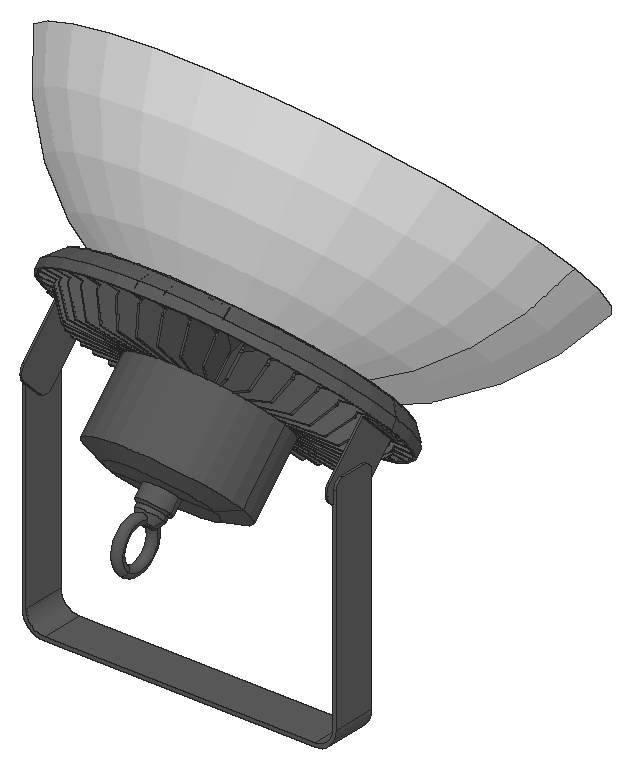
Revit family "0039365+0039353+0039356 Sylvania Lighting Fixture START HighBay IP65 DALI 13000lm 840 WB with BRACKET and ALU SHADE ALU COLOR FOR 13 19KLM", category Lighting Fixtures, host Face, Revit 2016
Family settings
  Host = Face
  Part Type = Normal
  Round Connector Dimension = Use Diameter
  OmniClass Number = 23.80.70.00
  OmniClass Title = Lighting
  Cut with Voids When Loaded = No
  Light Source = No
  Shared = No
  Room Calculation Point = No
Parameters (values of type "0039365+0039353+0039356  START HighBay IP65 DALI 13000lm 840 WB with BRACKET and ALU SHADE ALU COLOR FOR 13/19KLM")
  Weight = "3.0 kg"
  Wattage Comments = ""
  WarrantyStartDate [instance] = "n/a"
  WarrantyGuarantorParts = "n/a"
  WarrantyDurationUnit = "n/a"
  WarrantyDurationParts = "n/a"
  WarrantyDescription = "n/a"
  Voltage = 0 V
  URL = "http://www.sylvania-lighting.com"
  TypeName = "START HighBay IP65 DALI 13000lm 840 WB with BRACKET and ALU SHADE ALU COLOR FOR 13/19KLM"
  TypeHead_FEILO = Start LED Highbay DALI Head : 0039365+0039353+0039356 START HighBay IP65 DALI 13000lm 840 WB with BRACKET and ALU SHADE ALU COLOR FOR 13/19KLM
  Type Image = <None>
  Type Comments = "n/a"
  TiltAngle_FEILO [instance] = 45.00°
  ThicknessBracketPlate_FEILO = 3 mm
  SizeBracketS_FEILO = yes
  SizeBracketM_FEILO = no
  SerialNumber [instance] = "n/a"
  RadiusBracketTop_FEILO = 7 mm
  RadiusBendOut_FEILO = if(SizeBracketS_FEILO, 18 mm, if(SizeBracketM_FEILO, 24 mm, 28 mm))  # 18 mm
  RadiusBendIn_FEILO = RadiusBendOut_FEILO - ThicknessBracketPlate_FEILO  # 15 mm
  Material_3_FEILO = none
  PowerFactor = 0.95
  PowerConsumption = "90 W"
  NominalLength = 270 mm
  NominalHeight = 175 mm
  NominalDepth = 270 mm
  Name = "START HighBay IP65 DALI 13000lm 840 WB with BRACKET and ALU SHADE ALU COLOR FOR 13/19KLM"
  ModelReference = Name  # "START HighBay IP65 DALI 13000lm 840 WB with BRACKET and ALU SHADE ALU COLOR FOR 13/19KLM"
  ModelNumber = "0039365+0039353+0039356"
  Model = Name  # "START HighBay IP65 DALI 13000lm 840 WB with BRACKET and ALU SHADE ALU COLOR FOR 13/19KLM"
  Material = "aluminium alloy housing, polycarbonate diffuser"
  ManufacturerName = "Feilo Sylvania"
  Manufacturer = "Feilo Sylvania"
  LuminousEfficacy = "130 lm/W"
  LuminaireType = ""
  LightOutputRatio = "n/a"
  LampsType = Lamp  # "LED"
  LampNominalLuminous = "11700 lm"
  LampMacAdamStep = "6"
  LampColourTemperature = "6500 K"
  LampColourRenderingIndex = "80"
  Lamp = "LED"
  Keynote = "16500"
  InstallationDate [instance] = "n/a"
  InputVoltage = "n/a"
  InputNominalFrequency = "50/60 Hz"
  IngressProtection = "IP65"
  ImpactProtectionIndex = "IK08"
  IfcExportType = "IfcLightFixtureType"
  IfcExportAs = "IfcLightFixtureType"
  ExpectedLife = 50000
  EndAngle_FEILO [instance] = TiltAngle_FEILO + 180.00°  # 225.00°
  ElectricShockClassification = "Class I"
  DurationUnit = "hours"
  DocumentationLiterature = "http://www.sylvania-lighting.com/product/en-int/products/0039365"
  DimmingControlOptions = "Dimmable"
  Material_2_FEILO = none
  Description = "START Highbay, includes 1 m cables, black aluminium housing, 11,700 Lm, 90 W, 130 Lm/W, 6500 K, drive current: 2000 mA, CRI 80, 90° beam angle, DALI dimmable, IP65, IK08, 50,000 hrs (L80/B50), (D x H) 270 x 175 mm."
  Default Elevation = 1219.2 mm
  CreatedOn = "5/15/2018"
  CreatedBy = "aron.fodor@sylvania-lighting.com"
  Cost = 0
  built-in parameter 1114216 [instance] = (empty or 0)
  ClassificationValue = "EF_70_80"
  ClassificationName = "Uniclass2015"
  Material_1_FEILO = Body-Sylvania-StartHighbay-Black
  BracketHeight_FEILO = if(SizeBracketS_FEILO, 199.5 mm, if(SizeBracketM_FEILO, 209.6 mm, 201.3 mm))  # 199.5 mm
  BracketDistanceInner_FEILO = if(SizeBracketS_FEILO, 249.4 mm, if(SizeBracketM_FEILO, 273.6 mm, 313.2 mm))  # 249.4 mm
  BarCode [instance] = "n/a"
  AssetType = "Fixed"
  AssetIdentifier [instance] = "n/a"
  Assembly Code = "D5020200"
  Apparent Load = 90 VA
  Material_4_FEILO = none
Reference planes
  plane 1 "Center (Front/Back)": y = 0
  plane 2: z = 0
  plane 3 "Center (Left/Right)": x = 0
  plane 4: x = -127.7
  plane 5: x = 127.7
  plane 6: z = 199.5
  plane 7: x = -124.7
  plane 8: z = 3
  plane 9: x = 124.7
  plane 10: y = 17.5
  plane 11: y = -17.5
  plane 12: y = -19.5
  plane 13: z = 201.5
  plane 14: y = 19.5
  plane 15: z = 190.5
Forms (mm)
  Extrusion 1, solid, material "Body-Sylvania-StartHighbay-Black" <- "Material_1_FEILO"
    sketch origin (0, 0, 0) x (1, 0, 0) y (0, 0, 1)
      loop
        line (-127.7, 199.5) -> (-127.7, 18)
        arc (-127.7, 18) -> (-122.428, 5.272) -> (-109.7, 0) r 18
        line (-109.7, 0) -> (109.7, 0)
        arc (109.7, 0) -> (122.428, 5.272) -> (127.7, 18) r 18
        line (127.7, 18) -> (127.7, 199.5) -> (124.7, 199.5) -> (124.7, 18)
        arc (124.7, 18) -> (120.307, 7.393) -> (109.7, 3) r 15
        line (109.7, 3) -> (-109.7, 3)
        arc (-109.7, 3) -> (-120.307, 7.393) -> (-124.7, 18) r 15
        line (-124.7, 18) -> (-124.7, 199.5) -> (-127.7, 199.5)
    from -17.5 to 17.5
  Extrusion 2, void
    sketch origin (0, 0, 0) x (0, 1, 0) y (0, 0, 1)
      loop
        arc (10.5, 199.5) -> (15.45, 197.45) -> (17.5, 192.5) r 7
        line (17.5, 192.5) -> (19.5, 192.5) -> (19.5, 201.5) -> (-19.5, 201.5) -> (-19.5, 192.5) -> (-17.5, 192.5)
        arc (-17.5, 192.5) -> (-15.45, 197.45) -> (-10.5, 199.5) r 7
        line (-10.5, 199.5) -> (10.5, 199.5)
    from -127.7 to 127.7
  Revolve 3, solid, not visible
    sketch origin (1223.4, -4572, 190.5) x (0, -1, 0) y (1, 0, 0)
      loop
        line (-4572, -1223.4) -> (-4591.5, -1223.4) -> (-4591.5, -1277.783) -> (-4572, -1277.783) -> (-4572, -1223.4)
      axis (-4572, -1223.4) -> (-4572, -1277.783)
    angle from 45 <- "TiltAngle_FEILO" to 225 <- "EndAngle_FEILO"
Cuts and joins
  Extrusion 2 cuts Extrusion 1
Dimensions and locks
  "BracketHeight_FEILO": plane 6 to plane 2
  equal spacing: plane 11, plane 1 "Center (Front/Back)", plane 10
  locked: plane 11 to plane 10 at 35
  equal spacing: plane 9, plane 3 "Center (Left/Right)", plane 7
  "BracketDistanceInner_FEILO": plane 9 to plane 7
  "ThicknessBracketPlate_FEILO": plane 7 to plane 4
  "ThicknessBracketPlate_FEILO": plane 8 to plane 2
  equal spacing: plane 5, plane 3 "Center (Left/Right)", plane 4
  equal spacing: plane 12, plane 1 "Center (Front/Back)", plane 14
  locked: plane 6 to plane 13 at 2
  locked: plane 12 to plane 11 at 2
  locked: plane 6 to plane 15 at 9
  "RadiusBendOut_FEILO": radius of Extrusion 1 sketch curve  (x2)
  "RadiusBendIn_FEILO": radius of Extrusion 1 sketch curve  (x2)
  "RadiusBracketTop_FEILO": radius of Extrusion 2 sketch curve  (x2)
  aligned and locked: plane 2 to host face
  aligned and locked: level to host face
  aligned and locked: Extrusion 1 sketch curve to plane 4
  aligned and locked: Extrusion 1 sketch curve to level
  aligned and locked: plane 6 to Extrusion 1 sketch curve
  aligned and locked: Extrusion 1 sketch curve to plane 6
  aligned and locked: Extrusion 1 sketch curve to plane 7
  aligned and locked: plane 9 to Extrusion 1 sketch curve
  aligned and locked: plane 8 to Extrusion 1 sketch curve
  aligned and locked: Extrusion 1 to plane 10
  aligned and locked: plane 11 to Extrusion 1
  aligned and locked: Extrusion 1 to Extrusion 2 sketch curve
  aligned and locked: plane 14 to Extrusion 2 sketch curve  (x2)
  aligned and locked: Extrusion 2 sketch curve to plane 12
  aligned and locked: plane 13 to Extrusion 2 sketch curve
  aligned and locked: plane 5 to Extrusion 2
  aligned and locked: Extrusion 2 to plane 4
  aligned and locked: Revolve 3 sketch curve to plane 1 "Center (Front/Back)"
  aligned and locked: Revolve 3 sketch curve to Revolve 3 sketch curve
  aligned and locked: plane 3 "Center (Left/Right)" to Revolve 3 sketch curve
  aligned and locked: Revolve 3 sketch curve to plane 14
  aligned and locked: nested 1 to plane 3 "Center (Left/Right)"
Automatic sketch dimensions
  host sketch curve to host sketch curve = 2438.4 mm  (x2)
  Revolve 3 sketch curve to Revolve 3 sketch curve = 54.383 mm
  Revolve 3 sketch curve to plane 4 = 1396.3 mm
  plane 5 to Revolve 3 sketch curve = 1396.3 mm
  Extrusion 1 sketch curve to Extrusion 1 sketch curve = 0 mm
  Extrusion 2 sketch curve to plane 11 = 0 mm
  Extrusion 2 sketch curve to plane 10 = 0 mm
Nested families
  nested 1: "Start LED Highbay DALI Head" at (0, 0, 190.5) x (-1, 0, 0) z (0, 0.7071, 0.7071), type <- "TypeHead_FEILO", type "0039365+0039353+0039356 START HighBay IP65 DALI 13000lm 840 WB with BRACKET and ALU SHADE ALU COLOR FOR 13/19KLM"
    with built-in parameter 1114216 (empty or 0)
Connectors
  electrical at (0, 0, 0), driven by "Apparent Load", driven by "PowerFactor", driven by "Voltage"
    settings: index 1, voltage 0 V, apparent load 90 VA, apparent load phase1 0 VA, apparent load phase2 0 VA, apparent load phase3 0 VA, power factor 0.95, load classification "Lighting", number of poles 1, system type 30, power factor state 1, is connector primary yes, connector utility no, sub classification motor no, connector description ""
Definition of nested family "Start LED Highbay DALI Head"
  Parameters (values of type "0039367+0039355+0039361 START HighBay IP65 DALI 26000lm 840 WB with BRACKET and PC LAMPSHADE TRANSPARENT FOR 26KLM")
    X_FEILO = if(SizeS_FEILO, 60.3 mm, if(SizeM_FEILO, 70.4 mm, 83.5 mm))  # 83.5 mm
    WidthStraight_FEILO = if(SizeS_FEILO, 3 mm, if(SizeM_FEILO, 4 mm, 4.7 mm))  # 4.7 mm
    WidthRingChamfer_FEILO = if(SizeS_FEILO, 10.3 mm, if(SizeM_FEILO, 11.2 mm, 12.9 mm))  # 12.9 mm
    WidthCurved_FEILO = if(SizeS_FEILO, 17.4 mm, if(SizeM_FEILO, 16.4 mm, 26.2 mm))  # 26.2 mm
    WidthCurvedRing_FEILO = if(SizeS_FEILO, 3 mm, if(SizeM_FEILO, 4 mm, 4.7 mm))  # 4.7 mm
    WidthBracket_FEILO = 40 mm
    Wattage Comments = ""
    Wattage = 190 W
    built-in parameter 1150110 = 1 (stored number, unit not read)
    URL = "http://www.sylvania-lighting.com"
    Type Image = (empty or 0)
    Type Comments = "n/a"
    built-in parameter 1114217 = 1 (stored number, unit not read)
    Tilt Angle = -90.00°
    ThicknessWall_FEILO = 1.5 mm
    ThicknessBracket_FEILO = 1.5 mm
    ThicknessBracketHalf_FEILO = ThicknessBracket_FEILO / 2  # 0.75 mm
    built-in parameter 1150109 = 1 (stored number, unit not read)
    built-in parameter 1150134 = 1
    built-in parameter 1150113 = 1 (stored number, unit not read)
    SizeS_FEILO = no
    SizeM_FEILO = no
    ShadeThickness_FEILO = 3 mm
    ShadeSizeSM_FEILO = or(SizeS_FEILO, SizeM_FEILO)  # no
    ShadeRadiusOut_FEILO = 205 mm
    ShadeRadiusIn_FEILO = if(ShadeSizeSM_FEILO, 95 mm, 121 mm)  # 121 mm
    ShadeRadiusBend_FEILO = if(ShadeSizeSM_FEILO, 210 mm, 210 mm)  # 210 mm
    ShadeOn_FEILO = yes
    ShadeHeight_FEILO = if(ShadeSizeSM_FEILO, 120 mm, 151 mm)  # 151 mm
    Rib4_FEILO = if(SizeS_FEILO, 18.1 mm, if(SizeM_FEILO, 13.6 mm, 14.6 mm))  # 14.6 mm
    Rib3_FEILO = if(SizeS_FEILO, 15.3 mm, if(SizeM_FEILO, 17.6 mm, 20.2 mm))  # 20.2 mm
    Rib2_FEILO = if(SizeS_FEILO, 3.6 mm, if(SizeM_FEILO, 3.9 mm, 4.5 mm))  # 4.5 mm
    Rib1_FEILO = if(SizeS_FEILO, 15.1 mm, if(SizeM_FEILO, 16.5 mm, 19 mm))  # 19 mm
    RadiusDiffuser_FEILO = if(SizeS_FEILO, 95.2 mm, if(SizeM_FEILO, 105.3 mm, 120 mm))  # 120 mm
    RadiusArrayPost_FEILO = DriverRadius_FEILO - 6 mm  # 70.4 mm
    RHRadius3_FEILO = if(SizeS_FEILO, 6.6 mm, if(SizeM_FEILO, 7.4 mm, 8.6 mm))  # 8.6 mm
    RHRadius2_FEILO = if(SizeS_FEILO, 11 mm, if(SizeM_FEILO, 12 mm, 14 mm))  # 14 mm
    RHRadius1_FEILO = if(SizeS_FEILO, 13.6 mm, if(SizeM_FEILO, 14.9 mm, 17.7 mm))  # 17.7 mm
    RHHeight4_FEILO = if(SizeS_FEILO, 7.3 mm, if(SizeM_FEILO, 8 mm, 9.2 mm))  # 9.2 mm
    RHHeight3_FEILO = if(SizeS_FEILO, 3.6 mm, if(SizeM_FEILO, 3.7 mm, 4.6 mm))  # 4.6 mm
    RHHeight2_FEILO = if(SizeS_FEILO, 2 mm, if(SizeM_FEILO, 2.2 mm, 2.6 mm))  # 2.6 mm
    RHHeight1_FEILO = if(SizeS_FEILO, 11.8 mm, if(SizeM_FEILO, 15.3 mm, 17.4 mm))  # 17.4 mm
    Photometric Web File = "0039367+0039361.ies"
    Material_5_FEILO = none
    Material_3_FEILO = none
    Model = "START HighBay IP65 DALI 26000lm 840 WB with BRACKET and PC LAMPSHADE TRANSPARENT FOR 26KLM"
    Manufacturer = "Feilo Sylvania"
    built-in parameter 1150105 = 33385.3 (stored number, unit not read)
    Lumens = 24700 lm
    built-in parameter 1150115 = 1 (stored number, unit not read)
    built-in parameter 1150137 = (empty or 0)
    built-in parameter 1150139 = (empty or 0)
    built-in parameter 1150112 = 1 (stored number, unit not read)
    built-in parameter 1150114 = 1 (stored number, unit not read)
    Lamp = "LED"
    Keynote = "16500"
    built-in parameter 1150132 = (empty or 0)
    built-in parameter 1150102 = (empty or 0)
    built-in parameter 1150107 = 6500 (stored number, unit not read)
    built-in parameter 1150138 = (empty or 0)
    built-in parameter 1150106 = 333.85 (stored number, unit not read)
    HeightRing_FEILO = if(SizeS_FEILO, 19.8 mm, if(SizeM_FEILO, 32 mm, 36.8 mm))  # 36.8 mm
    HeightRingChamfer_FEILO = if(SizeS_FEILO, 11.7 mm, if(SizeM_FEILO, 23.2 mm, 26.6 mm))  # 26.6 mm
    EyeThickness_FEILO = if(SizeS_FEILO, 8.4 mm, if(SizeM_FEILO, 9.2 mm, 10.5 mm))  # 10.5 mm
    EyeThicknessHalf_FEILO = EyeThickness_FEILO / 2  # 5.25 mm
    EyeInner_FEILO = if(SizeS_FEILO, 13.8 mm, if(SizeM_FEILO, 15.1 mm, 17.3 mm))  # 17.3 mm
    Emit from Circle Diameter = RadiusDiffuser_FEILO * 2  # 240 mm
    Emit Shape Visible in Rendering = no
    built-in parameter 1150104 = 12.077 (stored number, unit not read)
    DriverVerticalStraight_FEILO = if(SizeS_FEILO, 46.5 mm, if(SizeM_FEILO, 49.7 mm, 57 mm))  # 57 mm
    DriverVerticalChamfer_FEILO = if(SizeS_FEILO, 7.5 mm, if(SizeM_FEILO, 8.2 mm, 9.5 mm))  # 9.5 mm
    DriverRadius_FEILO = if(SizeS_FEILO, 61.4 mm, if(SizeM_FEILO, 67.2 mm, 76.4 mm))  # 76.4 mm
    DriverRadiusTop_FEILO = if(SizeS_FEILO, 42 mm, if(SizeM_FEILO, 45.3 mm, 52.4 mm))  # 52.4 mm
    DriverBottom_FEILO = if(SizeS_FEILO, 56 mm, if(SizeM_FEILO, 64.5 mm, 74 mm))  # 74 mm
    Material_2_FEILO = none
    Radius_FEILO = if(SizeS_FEILO, 135 mm, if(SizeM_FEILO, 148 mm, 169.5 mm))  # 169.5 mm
    Dimming Lamp Color Temperature Shift = (empty or 0)
    DiameterWire_FEILO = 3 mm
    DiameterWireSupport_FEILO = 10 mm
    Description = "START Highbay, includes 1 m cables, black aluminium housing, 24,700 Lm, 190 W, 130 Lm/W, 6500 K, drive current: 4100 mA, CRI 80, 90° beam angle, DALI dimmable, IP65, IK08, 50,000 hrs (L80/B50), (D x H) 339 x 189 mm."
    Default Elevation = 1219.2 mm
    Cost = 0
    Color Filter = 16777215
    built-in parameter 1114216 [instance] = (empty or 0)
    Material_1_FEILO = none
    built-in parameter 1114218 = 1 (stored number, unit not read)
    built-in parameter 1150133 = 10 (stored number, unit not read)
    Assembly Code = "D5020200"
    Apparent Load = 190 VA
    Material_4_FEILO = none
  Types (24, lengths in mm): name | X_FEILO | WidthStraight_FEILO | WidthRingChamfer_FEILO | WidthCurved_FEILO | WidthCurvedRing_FEILO | Wattage | built-in parameter 1150134 | SizeS_FEILO | SizeM_FEILO | ShadeSizeSM_FEILO | ShadeRadiusIn_FEILO | ShadeOn_FEILO | ShadeHeight_FEILO | Rib4_FEILO | Rib3_FEILO | Rib2_FEILO | Rib1_FEILO | RadiusDiffuser_FEILO | RadiusArrayPost_FEILO | RHRadius3_FEILO | RHRadius2_FEILO | RHRadius1_FEILO | RHHeight4_FEILO | RHHeight3_FEILO | RHHeight2_FEILO | RHHeight1_FEILO | Photometric Web File | Model | built-in parameter 1150105 | Lumens | built-in parameter 1150107 | built-in parameter 1150106 | HeightRing_FEILO | HeightRingChamfer_FEILO | EyeThickness_FEILO | EyeThicknessHalf_FEILO | EyeInner_FEILO | Emit from Circle Diameter | DriverVerticalStraight_FEILO | DriverVerticalChamfer_FEILO | DriverRadius_FEILO | DriverRadiusTop_FEILO | DriverBottom_FEILO | Radius_FEILO | Description | Apparent Load
    0039367+0039355+0039361 START HighBay IP65 DALI 26000lm 840 WB with BRACKET and PC LAMPSHADE TRANSPARENT FOR 26KLM | 83.5 | 4.7 | 12.9 | 26.2 | 4.7 | 190 W | 1 | no | no | no | 121 | yes | 151 | 14.6 | 20.2 | 4.5 | 19 | 120 | 70.4 | 8.6 | 14 | 17.7 | 9.2 | 4.6 | 2.6 | 17.4 | "0039367+0039361.ies" | "START HighBay IP65 DALI 26000lm 840 WB with BRACKET and PC LAMPSHADE TRANSPARENT FOR 26KLM" | 33385.3 (stored number, unit not read) | 24700 lm | 6500 (stored number, unit not read) | 333.85 (stored number, unit not read) | 36.8 | 26.6 | 10.5 | 5.25 | 17.3 | 240 | 57 | 9.5 | 76.4 | 52.4 | 74 | 169.5 | "START Highbay, includes 1 m cables, black aluminium housing, 24,700 Lm, 190 W, 130 Lm/W, 6500 K, drive current: 4100 mA, CRI 80, 90° beam angle, DALI dimmable, IP65, IK08, 50,000 hrs (L80/B50), (D x H) 339 x 189 mm." | 190 VA
    0039367+0039355+0039360 START HighBay IP65 DALI 26000lm 840 WB with BRACKET and ALU SHADE BLACK COLOR FOR 26KLM | 83.5 | 4.7 | 12.9 | 26.2 | 4.7 | 190 W | 1 | no | no | no | 121 | yes | 151 | 14.6 | 20.2 | 4.5 | 19 | 120 | 70.4 | 8.6 | 14 | 17.7 | 9.2 | 4.6 | 2.6 | 17.4 | "0039367+0039360.ies" | "START HighBay IP65 DALI 26000lm 840 WB with BRACKET and ALU SHADE BLACK COLOR FOR 26KLM" | 33569.2 (stored number, unit not read) | 24700 lm | 6500 (stored number, unit not read) | 335.69 (stored number, unit not read) | 36.8 | 26.6 | 10.5 | 5.25 | 17.3 | 240 | 57 | 9.5 | 76.4 | 52.4 | 74 | 169.5 | "START Highbay, includes 1 m cables, black aluminium housing, 24,700 Lm, 190 W, 130 Lm/W, 6500 K, drive current: 4100 mA, CRI 80, 90° beam angle, DALI dimmable, IP65, IK08, 50,000 hrs (L80/B50), (D x H) 339 x 189 mm." | 190 VA
    0039367+0039355+0039359 START HighBay IP65 DALI 26000lm 840 WB with BRACKET and ALU SHADE ALU COLOR FOR 26KLM | 83.5 | 4.7 | 12.9 | 26.2 | 4.7 | 190 W | 1 | no | no | no | 121 | yes | 151 | 14.6 | 20.2 | 4.5 | 19 | 120 | 70.4 | 8.6 | 14 | 17.7 | 9.2 | 4.6 | 2.6 | 17.4 | "0039367+0039359.ies" | "START HighBay IP65 DALI 26000lm 840 WB with BRACKET and ALU SHADE ALU COLOR FOR 26KLM" | 33569.2 (stored number, unit not read) | 24700 lm | 6500 (stored number, unit not read) | 335.69 (stored number, unit not read) | 36.8 | 26.6 | 10.5 | 5.25 | 17.3 | 240 | 57 | 9.5 | 76.4 | 52.4 | 74 | 169.5 | "START Highbay, includes 1 m cables, black aluminium housing, 24,700 Lm, 190 W, 130 Lm/W, 6500 K, drive current: 4100 mA, CRI 80, 90° beam angle, DALI dimmable, IP65, IK08, 50,000 hrs (L80/B50), (D x H) 339 x 189 mm." | 190 VA
    0039367+0039355 START HighBay IP65 DALI 26000lm 840 WB with BRACKET | 83.5 | 4.7 | 12.9 | 26.2 | 4.7 | 190 W | 1 | no | no | no | 121 | no | 151 | 14.6 | 20.2 | 4.5 | 19 | 120 | 70.4 | 8.6 | 14 | 17.7 | 9.2 | 4.6 | 2.6 | 17.4 | "0039367.ies" | "START HighBay IP65 DALI 26000lm 840 WB with BRACKET" | 13532 (stored number, unit not read) | 24700 lm | 6500 (stored number, unit not read) | 135.32 (stored number, unit not read) | 36.8 | 26.6 | 10.5 | 5.25 | 17.3 | 240 | 57 | 9.5 | 76.4 | 52.4 | 74 | 169.5 | "START Highbay, includes 1 m cables, black aluminium housing, 24,700 Lm, 190 W, 130 Lm/W, 6500 K, drive current: 4100 mA, CRI 80, 90° beam angle, DALI dimmable, IP65, IK08, 50,000 hrs (L80/B50), (D x H) 339 x 189 mm." | 190 VA
    0039366+0039354+0039358 START HighBay IP65 DALI 19000lm 840 WB with BRACKET and PC LAMPSHADE TRANSPARENT 13/19KLM | 70.4 | 4 | 11.2 | 16.4 | 4 | 150 W | 1 | no | yes | yes | 95 | yes | 120 | 13.6 | 17.6 | 3.9 | 16.5 | 105.3 | 61.2 | 7.4 | 12 | 14.9 | 8 | 3.7 | 2.2 | 15.3 | "0039366+0039358.ies" | "START HighBay IP65 DALI 19000lm 840 WB with BRACKET and PC LAMPSHADE TRANSPARENT 13/19KLM" | 26356.9 (stored number, unit not read) | 19500 lm | 6500 (stored number, unit not read) | 263.57 (stored number, unit not read) | 32 | 23.2 | 9.2 | 4.6 | 15.1 | 210.6 | 49.7 | 8.2 | 67.2 | 45.3 | 64.5 | 148 | "START Highbay, includes 1 m cables, black aluminium housing, 19,500 Lm, 150 W, 130 Lm/W, 6500 K, drive current: 3300 mA, CRI 80, 90° beam angle, DALI dimmable, IP65, IK08, 50,000 hrs (L80/B50), (D x H) 296 x 172 mm." | 150 VA
    0039366+0039354+0039357 START HighBay IP65 DALI 19000lm 840 WB with BRACKET and ALU SHADE BLACK COLOR FOR 13/19KLM | 70.4 | 4 | 11.2 | 16.4 | 4 | 150 W | 1 | no | yes | yes | 95 | yes | 120 | 13.6 | 17.6 | 3.9 | 16.5 | 105.3 | 61.2 | 7.4 | 12 | 14.9 | 8 | 3.7 | 2.2 | 15.3 | "0039366+0039357.ies" | "START HighBay IP65 DALI 19000lm 840 WB with BRACKET and ALU SHADE BLACK COLOR FOR 13/19KLM" | 26502 (stored number, unit not read) | 19500 lm | 6500 (stored number, unit not read) | 265.02 (stored number, unit not read) | 32 | 23.2 | 9.2 | 4.6 | 15.1 | 210.6 | 49.7 | 8.2 | 67.2 | 45.3 | 64.5 | 148 | "START Highbay, includes 1 m cables, black aluminium housing, 19,500 Lm, 150 W, 130 Lm/W, 6500 K, drive current: 3300 mA, CRI 80, 90° beam angle, DALI dimmable, IP65, IK08, 50,000 hrs (L80/B50), (D x H) 296 x 172 mm." | 150 VA
    0039366+0039354+0039356 START HighBay IP65 DALI 19000lm 840 WB with BRACKET and ALU SHADE ALU COLOR FOR 13/19KLM | 70.4 | 4 | 11.2 | 16.4 | 4 | 150 W | 1 | no | yes | yes | 95 | yes | 120 | 13.6 | 17.6 | 3.9 | 16.5 | 105.3 | 61.2 | 7.4 | 12 | 14.9 | 8 | 3.7 | 2.2 | 15.3 | "0039366+0039356.ies" | "START HighBay IP65 DALI 19000lm 840 WB with BRACKET and ALU SHADE ALU COLOR FOR 13/19KLM" | 26502 (stored number, unit not read) | 19500 lm | 6500 (stored number, unit not read) | 265.02 (stored number, unit not read) | 32 | 23.2 | 9.2 | 4.6 | 15.1 | 210.6 | 49.7 | 8.2 | 67.2 | 45.3 | 64.5 | 148 | "START Highbay, includes 1 m cables, black aluminium housing, 19,500 Lm, 150 W, 130 Lm/W, 6500 K, drive current: 3300 mA, CRI 80, 90° beam angle, DALI dimmable, IP65, IK08, 50,000 hrs (L80/B50), (D x H) 296 x 172 mm." | 150 VA
    0039366+0039354 START HighBay IP65 DALI 19000lm 840 WB with BRACKET | 70.4 | 4 | 11.2 | 16.4 | 4 | 150 W | 1 | no | yes | yes | 95 | no | 120 | 13.6 | 17.6 | 3.9 | 16.5 | 105.3 | 61.2 | 7.4 | 12 | 14.9 | 8 | 3.7 | 2.2 | 15.3 | "0039366.ies" | "START HighBay IP65 DALI 19000lm 840 WB with BRACKET" | 10981.5 (stored number, unit not read) | 19500 lm | 6500 (stored number, unit not read) | 109.82 (stored number, unit not read) | 32 | 23.2 | 9.2 | 4.6 | 15.1 | 210.6 | 49.7 | 8.2 | 67.2 | 45.3 | 64.5 | 148 | "START Highbay, includes 1 m cables, black aluminium housing, 19,500 Lm, 150 W, 130 Lm/W, 6500 K, drive current: 3300 mA, CRI 80, 90° beam angle, DALI dimmable, IP65, IK08, 50,000 hrs (L80/B50), (D x H) 296 x 172 mm." | 150 VA
    0039365+0039353+0039358 START HighBay IP65 DALI 13000lm 840 WB with BRACKET and PC LAMPSHADE TRANSPARENT 13/19KLM | 60.3 | 3 | 10.3 | 17.4 | 3 | 90 W | 1 | yes | no | yes | 95 | yes | 120 | 18.1 | 15.3 | 3.6 | 15.1 | 95.2 | 55.4 | 6.6 | 11 | 13.6 | 7.3 | 3.6 | 2 | 11.8 | "0039365+0039358.ies" | "START HighBay IP65 DALI 13000lm 840 WB with BRACKET and PC LAMPSHADE TRANSPARENT 13/19KLM" | 15814.1 (stored number, unit not read) | 11700 lm | 6500 (stored number, unit not read) | 158.14 (stored number, unit not read) | 19.8 | 11.7 | 8.4 | 4.2 | 13.8 | 190.4 | 46.5 | 7.5 | 61.4 | 42 | 56 | 135 | "START Highbay, includes 1 m cables, black aluminium housing, 11,700 Lm, 90 W, 130 Lm/W, 6500 K, drive current: 2000 mA, CRI 80, 90° beam angle, DALI dimmable, IP65, IK08, 50,000 hrs (L80/B50), (D x H) 270 x 175 mm." | 90 VA
    0039365+0039353+0039357 START HighBay IP65 DALI 13000lm 840 WB with BRACKET and ALU SHADE BLACK COLOR FOR 13/19KLM | 60.3 | 3 | 10.3 | 17.4 | 3 | 90 W | 1 | yes | no | yes | 95 | yes | 120 | 18.1 | 15.3 | 3.6 | 15.1 | 95.2 | 55.4 | 6.6 | 11 | 13.6 | 7.3 | 3.6 | 2 | 11.8 | "0039365+0039357.ies" | "START HighBay IP65 DALI 13000lm 840 WB with BRACKET and ALU SHADE BLACK COLOR FOR 13/19KLM" | 15901.2 (stored number, unit not read) | 11700 lm | 6500 (stored number, unit not read) | 159.01 (stored number, unit not read) | 19.8 | 11.7 | 8.4 | 4.2 | 13.8 | 190.4 | 46.5 | 7.5 | 61.4 | 42 | 56 | 135 | "START Highbay, includes 1 m cables, black aluminium housing, 11,700 Lm, 90 W, 130 Lm/W, 6500 K, drive current: 2000 mA, CRI 80, 90° beam angle, DALI dimmable, IP65, IK08, 50,000 hrs (L80/B50), (D x H) 270 x 175 mm." | 90 VA
    0039365+0039353+0039356 START HighBay IP65 DALI 13000lm 840 WB with BRACKET and ALU SHADE ALU COLOR FOR 13/19KLM | 60.3 | 3 | 10.3 | 17.4 | 3 | 90 W | 1 | yes | no | yes | 95 | yes | 120 | 18.1 | 15.3 | 3.6 | 15.1 | 95.2 | 55.4 | 6.6 | 11 | 13.6 | 7.3 | 3.6 | 2 | 11.8 | "0039365+0039356.ies" | "START HighBay IP65 DALI 13000lm 840 WB with BRACKET and ALU SHADE ALU COLOR FOR 13/19KLM" | 15901.2 (stored number, unit not read) | 11700 lm | 6500 (stored number, unit not read) | 159.01 (stored number, unit not read) | 19.8 | 11.7 | 8.4 | 4.2 | 13.8 | 190.4 | 46.5 | 7.5 | 61.4 | 42 | 56 | 135 | "START Highbay, includes 1 m cables, black aluminium housing, 11,700 Lm, 90 W, 130 Lm/W, 6500 K, drive current: 2000 mA, CRI 80, 90° beam angle, DALI dimmable, IP65, IK08, 50,000 hrs (L80/B50), (D x H) 270 x 175 mm." | 90 VA
    0039365+0039353 START HighBay IP65 DALI 13000lm 840 WB with BRACKET | 60.3 | 3 | 10.3 | 17.4 | 3 | 90 W | 1 | yes | no | yes | 95 | no | 120 | 18.1 | 15.3 | 3.6 | 15.1 | 95.2 | 55.4 | 6.6 | 11 | 13.6 | 7.3 | 3.6 | 2 | 11.8 | "0039365.ies" | "START HighBay IP65 DALI 13000lm 840 WB with BRACKET" | 6365.5 (stored number, unit not read) | 11700 lm | 6500 (stored number, unit not read) | 63.655 (stored number, unit not read) | 19.8 | 11.7 | 8.4 | 4.2 | 13.8 | 190.4 | 46.5 | 7.5 | 61.4 | 42 | 56 | 135 | "START Highbay, includes 1 m cables, black aluminium housing, 11,700 Lm, 90 W, 130 Lm/W, 6500 K, drive current: 2000 mA, CRI 80, 90° beam angle, DALI dimmable, IP65, IK08, 50,000 hrs (L80/B50), (D x H) 270 x 175 mm." | 90 VA
    0039364+0039355+0039361 START HighBay IP65 DALI 26000lm 840 MB with BRACKET and PC LAMPSHADE TRANSPARENT FOR 26KLM | 83.5 | 4.7 | 12.9 | 26.2 | 4.7 | 190 W | 12 | no | no | no | 121 | yes | 151 | 14.6 | 20.2 | 4.5 | 19 | 120 | 70.4 | 8.6 | 14 | 17.7 | 9.2 | 4.6 | 2.6 | 17.4 | "0039364+0039361.ies" | "START HighBay IP65 DALI 26000lm 840 MB with BRACKET and PC LAMPSHADE TRANSPARENT FOR 26KLM" | 33385.3 (stored number, unit not read) | 24700 lm | 4000 (stored number, unit not read) | 333.85 (stored number, unit not read) | 36.8 | 26.6 | 10.5 | 5.25 | 17.3 | 240 | 57 | 9.5 | 76.4 | 52.4 | 74 | 169.5 | "START Highbay, includes 1 m cables, black aluminium housing, 24,700 Lm, 190 W, 130 Lm/W, 4000 K, drive current: 4100 mA, CRI 80, 60° beam angle, DALI dimmable, IP65, IK08, 50,000 hrs (L80/B50), (D x H) 339 x 189 mm." | 190 VA
    0039364+0039355+0039360 START HighBay IP65 DALI 26000lm 840 MB with BRACKET and ALU SHADE BLACK COLOR FOR 26KLM | 83.5 | 4.7 | 12.9 | 26.2 | 4.7 | 190 W | 12 | no | no | no | 121 | yes | 151 | 14.6 | 20.2 | 4.5 | 19 | 120 | 70.4 | 8.6 | 14 | 17.7 | 9.2 | 4.6 | 2.6 | 17.4 | "0039364+0039360.ies" | "START HighBay IP65 DALI 26000lm 840 MB with BRACKET and ALU SHADE BLACK COLOR FOR 26KLM" | 33569.2 (stored number, unit not read) | 24700 lm | 4000 (stored number, unit not read) | 335.69 (stored number, unit not read) | 36.8 | 26.6 | 10.5 | 5.25 | 17.3 | 240 | 57 | 9.5 | 76.4 | 52.4 | 74 | 169.5 | "START Highbay, includes 1 m cables, black aluminium housing, 24,700 Lm, 190 W, 130 Lm/W, 4000 K, drive current: 4100 mA, CRI 80, 60° beam angle, DALI dimmable, IP65, IK08, 50,000 hrs (L80/B50), (D x H) 339 x 189 mm." | 190 VA
    0039364+0039355+0039359 START HighBay IP65 DALI 26000lm 840 MB with BRACKET and ALU SHADE ALU COLOR FOR 26KLM | 83.5 | 4.7 | 12.9 | 26.2 | 4.7 | 190 W | 12 | no | no | no | 121 | yes | 151 | 14.6 | 20.2 | 4.5 | 19 | 120 | 70.4 | 8.6 | 14 | 17.7 | 9.2 | 4.6 | 2.6 | 17.4 | "0039364+0039359.ies" | "START HighBay IP65 DALI 26000lm 840 MB with BRACKET and ALU SHADE ALU COLOR FOR 26KLM" | 33569.2 (stored number, unit not read) | 24700 lm | 4000 (stored number, unit not read) | 335.69 (stored number, unit not read) | 36.8 | 26.6 | 10.5 | 5.25 | 17.3 | 240 | 57 | 9.5 | 76.4 | 52.4 | 74 | 169.5 | "START Highbay, includes 1 m cables, black aluminium housing, 24,700 Lm, 190 W, 130 Lm/W, 4000 K, drive current: 4100 mA, CRI 80, 60° beam angle, DALI dimmable, IP65, IK08, 50,000 hrs (L80/B50), (D x H) 339 x 189 mm." | 190 VA
    0039364+0039355 START HighBay IP65 DALI 26000lm 840 MB with BRACKET | 83.5 | 4.7 | 12.9 | 26.2 | 4.7 | 190 W | 12 | no | no | no | 121 | no | 151 | 14.6 | 20.2 | 4.5 | 19 | 120 | 70.4 | 8.6 | 14 | 17.7 | 9.2 | 4.6 | 2.6 | 17.4 | "0039364.ies" | "START HighBay IP65 DALI 26000lm 840 MB with BRACKET" | 26901.8 (stored number, unit not read) | 24700 lm | 4000 (stored number, unit not read) | 269.02 (stored number, unit not read) | 36.8 | 26.6 | 10.5 | 5.25 | 17.3 | 240 | 57 | 9.5 | 76.4 | 52.4 | 74 | 169.5 | "START Highbay, includes 1 m cables, black aluminium housing, 24,700 Lm, 190 W, 130 Lm/W, 4000 K, drive current: 4100 mA, CRI 80, 60° beam angle, DALI dimmable, IP65, IK08, 50,000 hrs (L80/B50), (D x H) 339 x 189 mm." | 190 VA
    0039363+0039354+0039358 START HighBay IP65 DALI 19000lm 840 MB with BRACKET and PC LAMPSHADE TRANSPARENT 13/19KLM | 70.4 | 4 | 11.2 | 16.4 | 4 | 150 W | 12 | no | yes | yes | 95 | yes | 120 | 13.6 | 17.6 | 3.9 | 16.5 | 105.3 | 61.2 | 7.4 | 12 | 14.9 | 8 | 3.7 | 2.2 | 15.3 | "0039363+0039358.ies" | "START HighBay IP65 DALI 19000lm 840 MB with BRACKET and PC LAMPSHADE TRANSPARENT 13/19KLM" | 26356.9 (stored number, unit not read) | 19500 lm | 4000 (stored number, unit not read) | 263.57 (stored number, unit not read) | 32 | 23.2 | 9.2 | 4.6 | 15.1 | 210.6 | 49.7 | 8.2 | 67.2 | 45.3 | 64.5 | 148 | "START Highbay, includes 1 m cables, black aluminium housing, 19,500 Lm, 150 W, 130 Lm/W, 4000 K, drive current: 3300 mA, CRI 80, 60° beam angle, DALI dimmable, IP65, IK08, 50,000 hrs (L80/B50), (D x H) 296 x 172 mm." | 150 VA
    0039363+0039354+0039357 START HighBay IP65 DALI 19000lm 840 MB with BRACKET and ALU SHADE BLACK COLOR FOR 13/19KLM | 70.4 | 4 | 11.2 | 16.4 | 4 | 150 W | 12 | no | yes | yes | 95 | yes | 120 | 13.6 | 17.6 | 3.9 | 16.5 | 105.3 | 61.2 | 7.4 | 12 | 14.9 | 8 | 3.7 | 2.2 | 15.3 | "0039363+0039357.ies" | "START HighBay IP65 DALI 19000lm 840 MB with BRACKET and ALU SHADE BLACK COLOR FOR 13/19KLM" | 26502 (stored number, unit not read) | 19500 lm | 4000 (stored number, unit not read) | 265.02 (stored number, unit not read) | 32 | 23.2 | 9.2 | 4.6 | 15.1 | 210.6 | 49.7 | 8.2 | 67.2 | 45.3 | 64.5 | 148 | "START Highbay, includes 1 m cables, black aluminium housing, 19,500 Lm, 150 W, 130 Lm/W, 4000 K, drive current: 3300 mA, CRI 80, 60° beam angle, DALI dimmable, IP65, IK08, 50,000 hrs (L80/B50), (D x H) 296 x 172 mm." | 150 VA
    0039363+0039354+0039356 START HighBay IP65 DALI 19000lm 840 MB with BRACKET and ALU SHADE ALU COLOR FOR 13/19KLM | 70.4 | 4 | 11.2 | 16.4 | 4 | 150 W | 12 | no | yes | yes | 95 | yes | 120 | 13.6 | 17.6 | 3.9 | 16.5 | 105.3 | 61.2 | 7.4 | 12 | 14.9 | 8 | 3.7 | 2.2 | 15.3 | "0039363+0039356.ies" | "START HighBay IP65 DALI 19000lm 840 MB with BRACKET and ALU SHADE ALU COLOR FOR 13/19KLM" | 26502 (stored number, unit not read) | 19500 lm | 4000 (stored number, unit not read) | 265.02 (stored number, unit not read) | 32 | 23.2 | 9.2 | 4.6 | 15.1 | 210.6 | 49.7 | 8.2 | 67.2 | 45.3 | 64.5 | 148 | "START Highbay, includes 1 m cables, black aluminium housing, 19,500 Lm, 150 W, 130 Lm/W, 4000 K, drive current: 3300 mA, CRI 80, 60° beam angle, DALI dimmable, IP65, IK08, 50,000 hrs (L80/B50), (D x H) 296 x 172 mm." | 150 VA
    0039363+0039354 START HighBay IP65 DALI 19000lm 840 MB with BRACKET | 70.4 | 4 | 11.2 | 16.4 | 4 | 150 W | 12 | no | yes | yes | 95 | no | 120 | 13.6 | 17.6 | 3.9 | 16.5 | 105.3 | 61.2 | 7.4 | 12 | 14.9 | 8 | 3.7 | 2.2 | 15.3 | "0039363.ies" | "START HighBay IP65 DALI 19000lm 840 MB with BRACKET" | 22125.4 (stored number, unit not read) | 19500 lm | 4000 (stored number, unit not read) | 221.25 (stored number, unit not read) | 32 | 23.2 | 9.2 | 4.6 | 15.1 | 210.6 | 49.7 | 8.2 | 67.2 | 45.3 | 64.5 | 148 | "START Highbay, includes 1 m cables, black aluminium housing, 19,500 Lm, 150 W, 130 Lm/W, 4000 K, drive current: 3300 mA, CRI 80, 60° beam angle, DALI dimmable, IP65, IK08, 50,000 hrs (L80/B50), (D x H) 296 x 172 mm." | 150 VA
    0039362+0039353+0039358 START HighBay IP65 DALI 13000lm 840 MB with BRACKET and PC LAMPSHADE TRANSPARENT 13/19KLM | 60.3 | 3 | 10.3 | 17.4 | 3 | 90 W | 12 | yes | no | yes | 95 | yes | 120 | 18.1 | 15.3 | 3.6 | 15.1 | 95.2 | 55.4 | 6.6 | 11 | 13.6 | 7.3 | 3.6 | 2 | 11.8 | "0039362+0039358.ies" | "START HighBay IP65 DALI 13000lm 840 MB with BRACKET and PC LAMPSHADE TRANSPARENT 13/19KLM" | 15814.1 (stored number, unit not read) | 11700 lm | 4000 (stored number, unit not read) | 158.14 (stored number, unit not read) | 19.8 | 11.7 | 8.4 | 4.2 | 13.8 | 190.4 | 46.5 | 7.5 | 61.4 | 42 | 56 | 135 | "START Highbay, includes 1 m cables, black aluminium housing, 11,700 Lm, 90 W, 130 Lm/W, 4000 K, drive current: 2000 mA, CRI 80, 60° beam angle, DALI dimmable, IP65, IK08, 50,000 hrs (L80/B50), (D x H) 270 x 175 mm." | 90 VA
    0039362+0039353+0039357 START HighBay IP65 DALI 13000lm 840 MB with BRACKET and ALU SHADE BLACK COLOR FOR 13/19KLM | 60.3 | 3 | 10.3 | 17.4 | 3 | 90 W | 12 | yes | no | yes | 95 | yes | 120 | 18.1 | 15.3 | 3.6 | 15.1 | 95.2 | 55.4 | 6.6 | 11 | 13.6 | 7.3 | 3.6 | 2 | 11.8 | "0039362+0039357.ies" | "START HighBay IP65 DALI 13000lm 840 MB with BRACKET and ALU SHADE BLACK COLOR FOR 13/19KLM" | 15901.2 (stored number, unit not read) | 11700 lm | 4000 (stored number, unit not read) | 159.01 (stored number, unit not read) | 19.8 | 11.7 | 8.4 | 4.2 | 13.8 | 190.4 | 46.5 | 7.5 | 61.4 | 42 | 56 | 135 | "START Highbay, includes 1 m cables, black aluminium housing, 11,700 Lm, 90 W, 130 Lm/W, 4000 K, drive current: 2000 mA, CRI 80, 60° beam angle, DALI dimmable, IP65, IK08, 50,000 hrs (L80/B50), (D x H) 270 x 175 mm." | 90 VA
    0039362+0039353+0039356 START HighBay IP65 DALI 13000lm 840 MB with BRACKET and ALU SHADE ALU COLOR FOR 13/19KLM | 60.3 | 3 | 10.3 | 17.4 | 3 | 90 W | 12 | yes | no | yes | 95 | yes | 120 | 18.1 | 15.3 | 3.6 | 15.1 | 95.2 | 55.4 | 6.6 | 11 | 13.6 | 7.3 | 3.6 | 2 | 11.8 | "0039362+0039356.ies" | "START HighBay IP65 DALI 13000lm 840 MB with BRACKET and ALU SHADE ALU COLOR FOR 13/19KLM" | 15901.2 (stored number, unit not read) | 11700 lm | 4000 (stored number, unit not read) | 159.01 (stored number, unit not read) | 19.8 | 11.7 | 8.4 | 4.2 | 13.8 | 190.4 | 46.5 | 7.5 | 61.4 | 42 | 56 | 135 | "START Highbay, includes 1 m cables, black aluminium housing, 11,700 Lm, 90 W, 130 Lm/W, 4000 K, drive current: 2000 mA, CRI 80, 60° beam angle, DALI dimmable, IP65, IK08, 50,000 hrs (L80/B50), (D x H) 270 x 175 mm." | 90 VA
    0039362+0039353 START HighBay IP65 DALI 13000lm 840 MB with BRACKET | 60.3 | 3 | 10.3 | 17.4 | 3 | 90 W | 12 | yes | no | yes | 95 | no | 120 | 18.1 | 15.3 | 3.6 | 15.1 | 95.2 | 55.4 | 6.6 | 11 | 13.6 | 7.3 | 3.6 | 2 | 11.8 | "0039362.ies" | "START HighBay IP65 DALI 13000lm 840 MB with BRACKET" | 13336.9 (stored number, unit not read) | 11700 lm | 4000 (stored number, unit not read) | 133.37 (stored number, unit not read) | 19.8 | 11.7 | 8.4 | 4.2 | 13.8 | 190.4 | 46.5 | 7.5 | 61.4 | 42 | 56 | 135 | "START Highbay, includes 1 m cables, black aluminium housing, 11,700 Lm, 90 W, 130 Lm/W, 4000 K, drive current: 2000 mA, CRI 80, 60° beam angle, DALI dimmable, IP65, IK08, 50,000 hrs (L80/B50), (D x H) 270 x 175 mm." | 90 VA
  Reference planes
    plane 1 "Center (Front/Back)": y = 0
    plane 2: z = 0
    plane 3 "Center (Left/Right)": x = 0
    plane 4: z = 83.5
    plane 5: x = -169.5
    plane 6: x = -156.6
    plane 7: z = 56.9
    plane 8: z = 46.7
    plane 9: x = -151.9
    plane 10: z = 80.875
    plane 11: x = -125.7
    plane 12: x = -120
    plane 13: x = -147.2
    plane 14: z = 81.875
    plane 15: z = 79.875
    plane 16: x = -117
    plane 17: z = 78.875
    plane 18: x = -168
    plane 19: x = -150.5
    plane 20: z = 42.2
    plane 21: x = -130.3
    plane 22: z = 27.6
    plane 23: x = -20
    plane 24: z = 9.5
    plane 25: x = -76.4
    plane 26: z = -47.5
    plane 27: x = -52.4
    plane 28: z = -57
    plane 29: x = -17.7
    plane 30: z = -74.4
    plane 31: z = -77
    plane 32: x = -14
    plane 33: z = -81.6
    plane 34: z = -90.8
    plane 35: x = -8.6
    plane 36: z = -108.1
    plane 37: z = -125.4
    plane 38: x = 5.25
    plane 39: x = -5.25
    plane 40: z = -135.9
    plane 41: z = -130.65
    plane 42: x = -162.3
    plane 43: x = -167
    plane 44: z = 45.2
    plane 45: x = -155.1
    plane 46: z = -19
    plane 47: y = -20
    plane 48: y = 20
    plane 49: x = 169.5
    plane 50: x = 156.6
    plane 51: x = 168
    plane 52: x = 162.3
    plane 53: x = 167
    plane 54: x = 155.1
    plane 55: x = -205
    plane 56: z = 234.5
    plane 57: x = -121
    plane 58: x = -113
    plane 59: x = -202
    plane 60: z = 86.5
  Forms (mm)
    Extrusion 1, solid
      sketch origin (4.2, 0, 0) x (1, 0, 0) y (0, 1, 0)
        loop
          line (-1219.2, 1219.2) -> (-1219.2, -1219.2) -> (1219.2, -1219.2) -> (1219.2, 1219.2) -> (-1219.2, 1219.2)
      from 0 to -68.017
    Revolve 2, solid, material <- "Material_1_FEILO", detail levels medium+fine
      sketch origin (0, 0, 0) x (1, 0, 0) y (0, 0, 1)
        loop
          line (-169.5, 46.7) -> (-168, 46.7) -> (-168, 56.555) -> (-156.206, 80.875) -> (-147.2, 80.875) -> (-147.2, 82.637)
          arc (-147.2, 82.637) -> (-149.554, 83.047) -> (-151.9, 83.5) r 132.063
          line (-151.9, 83.5) -> (-156.141, 83.5)
          arc (-156.141, 83.5) -> (-156.63, 83.326) -> (-156.899, 82.883) r 0.774
          line (-156.899, 82.883) -> (-169.5, 56.9) -> (-169.5, 46.7)
        axis (0, 83.5) -> (0, 46.7)
      angle from 360 to 0
    Revolve 3, solid, material <- "Material_1_FEILO", detail levels medium+fine
      sketch origin (0, 0, 0) x (1, 0, 0) y (0, 0, 1)
        loop
          line (-125.7, 78.875) -> (-120, 78.875) -> (-120, 56.9) -> (0, 56.9) -> (0, 78.875) -> (-117, 78.875) -> (-117, 79.875) -> (-120, 79.875) -> (-120, 80.875) -> (-125.7, 80.875) -> (-125.7, 78.875)
        axis (0, 80.875) -> (0, 56.9)
      angle from 360 to 0
    Revolve 4, solid, material <- "Material_2_FEILO", detail levels medium+fine
      sketch origin (0, 0, 0) x (1, 0, 0) y (0, 0, 1)
        loop
          line (-120, 79.875) -> (0, 79.875) -> (0, 81.875) -> (-120, 81.875) -> (-120, 79.875)
        axis (0, 81.875) -> (0, 79.875)
      angle from 360 to 0
    Revolve 5, solid, material <- "Material_1_FEILO"
      sketch origin (0, 0, 0) x (1, 0, 0) y (0, 0, 1)
        loop
          line (-76.4, 27.6) -> (-76.4, -47.5) -> (-52.4, -57) -> (-17.7, -57) -> (-17.7, -74.4) -> (-14, -77) -> (-14, -81.6) -> (-9.037, -90.074)
          arc (-9.037, -90.074) -> (-8.49, -90.606) -> (-7.753, -90.8) r 1.5
          line (-7.753, -90.8) -> (0, -90.8) -> (0, 27.6) -> (-76.4, 27.6)
        axis (0, 27.6) -> (0, -90.8)
      angle from 360 to 0
    Revolve 6, solid, material <- "Material_1_FEILO"
      sketch origin (0, 0, 0) x (1, 0, 0) y (0, 0, 1)
        loop
          circle (0, -130.65) r 5.25
        axis (5.25, -108.1) -> (-5.25, -108.1)
      angle from 360 to 0
    Extrusion 7, solid, material <- "Material_1_FEILO"
      sketch origin (0, 0, 0) x (1, 0, 0) y (0, 0, 1)
        loop
          line (-167, 46.7) -> (-167, 45.2) -> (-157.35, 45.2)
          arc (-157.35, 45.2) -> (-156.82, 44.98) -> (-156.6, 44.45) r 0.75
          line (-156.6, 44.45) -> (-156.6, -19) -> (-155.1, -19) -> (-155.1, 45.2)
          arc (-155.1, 45.2) -> (-155.539, 46.261) -> (-156.6, 46.7) r 1.5
          line (-156.6, 46.7) -> (-167, 46.7)
        loop
          line (167, 46.7) -> (156.6, 46.7)
          arc (156.6, 46.7) -> (155.539, 46.261) -> (155.1, 45.2) r 1.5
          line (155.1, 45.2) -> (155.1, -19) -> (156.6, -19) -> (156.6, 44.45)
          arc (156.6, 44.45) -> (156.82, 44.98) -> (157.35, 45.2) r 0.75
          line (157.35, 45.2) -> (167, 45.2) -> (167, 46.7)
      from -20 to 20
    Extrusion 8, void
      sketch origin (0, 0, 0) x (0, 1, 0) y (0, 0, 1)
        loop
          arc (-10, -19) -> (-17.071, -16.071) -> (-20, -9) r 10
          line (-20, -9) -> (-25, -9) -> (-25, -24) -> (-10, -24) -> (-10, -19)
        loop
          line (10, -19) -> (10, -24) -> (25, -24) -> (25, -9) -> (20, -9)
          arc (20, -9) -> (17.071, -16.071) -> (10, -19) r 10
      from -156.6 to 156.6
    Revolve 9, solid, material <- "Material_1_FEILO", detail levels coarse
      sketch origin (0, 0, 0) x (1, 0, 0) y (0, 0, 1)
        loop
          line (0, 83.5) -> (-156.6, 83.5) -> (-169.5, 56.9) -> (-169.5, 46.7) -> (-150.5, 46.7) -> (-150.5, 42.2) -> (-130.3, 27.6) -> (0, 27.6) -> (0, 83.5)
        axis (0, 83.5) -> (0, 27.6)
      angle from 360 to 0
    Revolve 10, solid, material <- "Material_4_FEILO", visible <- "ShadeOn_FEILO"
      sketch origin (0, 0, 0) x (1, 0, 0) y (0, 0, 1)
        loop
          line (-121, 83.5) -> (-113, 83.5) -> (-113, 86.5) -> (-120.341, 86.5)
          arc (-120.341, 86.5) -> (-177.055, 151.769) -> (-202.193, 234.5) r 207.203
          line (-202.193, 234.5) -> (-205, 234.5)
          arc (-205, 234.5) -> (-179.25, 149.96) -> (-121, 83.5) r 210
        axis (0, 234.5) -> (0, 83.5)
      angle from 360 to 0
  Cuts and joins
    Extrusion 8 cuts Extrusion 7
  Lines and regions (mm)
    reference lines
      curve 1: line (-169.5, 0, 56.9) -> (-156.6, 0, 83.5)
      curve 2: line (-125.7, 0, 80.875) -> (0, 0, 80.875)
      curve 3: arc (-125.7, 0, 80.875) -> (-138.866, 0, 81.533) -> (-151.9, 0, 83.5) r 132.063
      curve 4: line (-156.6, 0, 83.5) -> (-151.9, 0, 83.5)
      curve 5: line (-156.206, 0, 80.875) -> (-168, 0, 56.555)
      curve 6: line (-150.5, 0, 42.2) -> (-130.3, 0, 27.6)
      curve 7: line (-14, 0, -81.6) -> (-8.6, 0, -90.8)
      curve 8: circle (0, 0, -130.65) r 5.25 normal (0, -1, 0)
      curve 9: arc (-121, 0, 83.5) -> (-179.25, 0, 149.96) -> (-205, 0, 234.5) r 210
  Dimensions and locks
    "Radius_FEILO": plane 3 "Center (Left/Right)" to plane 5
    "WidthRingChamfer_FEILO": plane 6 to plane 5
    "WidthStraight_FEILO": plane 9 to plane 6
    "WidthCurvedRing_FEILO": plane 13 to plane 9
    locked: plane 10 to plane 15 at 1
    locked: plane 14 to plane 10 at 1
    locked: plane 4 to plane 10 at 2.625
    locked: plane 15 to plane 17 at 1
    "ThicknessWall_FEILO": plane 18 to plane 5
    "ThicknessWall_FEILO": curve 5 to curve 1
    "HeightRingChamfer_FEILO": plane 4 to plane 7
    "HeightRing_FEILO": plane 4 to plane 8
    "RadiusDiffuser_FEILO": plane 3 "Center (Left/Right)" to plane 12
    locked: plane 16 to plane 12 at 3
    "WidthCurved_FEILO": plane 11 to plane 9
    "X_FEILO": plane 4 to plane 2
    "Rib1_FEILO": plane 19 to plane 5
    "Rib2_FEILO": plane 8 to plane 20
    "Rib3_FEILO": plane 21 to plane 19
    "Rib4_FEILO": plane 20 to plane 22
    locked: plane 3 "Center (Left/Right)" to plane 23 at 20
    "DriverBottom_FEILO": plane 4 to plane 24
    "DriverRadius_FEILO": plane 3 "Center (Left/Right)" to plane 25
    "DriverVerticalStraight_FEILO": plane 24 to plane 26
    "DriverRadiusTop_FEILO": plane 3 "Center (Left/Right)" to plane 27
    "DriverVerticalChamfer_FEILO": plane 26 to plane 28
    "RHRadius1_FEILO": plane 3 "Center (Left/Right)" to plane 29
    "RHHeight2_FEILO": plane 30 to plane 31
    "RHRadius2_FEILO": plane 3 "Center (Left/Right)" to plane 32
    "RHHeight3_FEILO": plane 31 to plane 33
    "RHHeight4_FEILO": plane 33 to plane 34
    "RHRadius3_FEILO": plane 3 "Center (Left/Right)" to plane 35
    "RHHeight1_FEILO": plane 28 to plane 30
    "EyeInner_FEILO": plane 34 to plane 36
    "EyeInner_FEILO": plane 36 to plane 37
    equal spacing: plane 38, plane 3 "Center (Left/Right)", plane 39
    "EyeThickness_FEILO": plane 38 to plane 39
    "EyeThickness_FEILO": plane 37 to plane 40
    equal spacing: plane 37, plane 41, plane 40
    equal spacing: plane 6, plane 42, plane 18
    "ThicknessBracket_FEILO": plane 45 to plane 6
    "ThicknessBracket_FEILO": plane 8 to plane 44
    locked: plane 43 to plane 18 at 1
    equal spacing: plane 24, plane 46, plane 26
    equal spacing: plane 47, plane 1 "Center (Front/Back)", plane 48
    "WidthBracket_FEILO": plane 47 to plane 48
    "WidthRingChamfer_FEILO": plane 50 to plane 49
    "ThicknessWall_FEILO": plane 51 to plane 49
    equal spacing: plane 50, plane 52, plane 51
    "ThicknessBracket_FEILO": plane 54 to plane 50
    locked: plane 53 to plane 51 at 1
    "Radius_FEILO": plane 49 to plane 3 "Center (Left/Right)"
    "ShadeRadiusOut_FEILO": plane 3 "Center (Left/Right)" to plane 55
    "ShadeHeight_FEILO": plane 56 to plane 4
    "ShadeRadiusIn_FEILO": plane 3 "Center (Left/Right)" to plane 57
    locked: plane 58 to plane 57 at 8
    "ShadeThickness_FEILO": plane 60 to plane 4
    "ShadeThickness_FEILO": plane 59 to plane 55
    "EyeThicknessHalf_FEILO": radius of curve 8
    "ThicknessBracket_FEILO": radius of Extrusion 7 sketch curve  (x2)
    "ThicknessBracketHalf_FEILO": radius of Extrusion 7 sketch curve  (x2)
    "ShadeRadiusBend_FEILO": radius of curve 9
    aligned and locked: plane 2 to Extrusion 1
    aligned and locked: level to Extrusion 1
    aligned and locked: plane 5 to curve 1
    aligned and locked: plane 6 to curve 1
    aligned and locked: plane 7 to curve 1
    aligned and locked: plane 10 to curve 2
    aligned and locked: plane 9 to curve 3
    aligned and locked: plane 4 to curve 3
    aligned and locked: plane 11 to curve 3
    aligned and locked: plane 4 to curve 4
    aligned and locked: plane 18 to curve 5
    aligned and locked: plane 10 to curve 5
    aligned and locked: Revolve 2 sketch curve to plane 3 "Center (Left/Right)"
    aligned and locked: Revolve 2 sketch curve to curve 3
    aligned and locked: Revolve 2 sketch curve to curve 1
    aligned and locked: plane 4 to Revolve 2 sketch curve
    aligned and locked: plane 9 to Revolve 2 sketch curve
    aligned and locked: Revolve 2 sketch curve to plane 13
    aligned and locked: Revolve 2 sketch curve to plane 10
    aligned and locked: plane 13 to Revolve 2 sketch curve
    aligned and locked: plane 10 to Revolve 2 sketch curve
    aligned and locked: Revolve 2 sketch curve to plane 18
    aligned and locked: Revolve 2 sketch curve to plane 8
    aligned and locked: plane 5 to Revolve 2 sketch curve  (x2)
    aligned and locked: Revolve 3 sketch curve to plane 3 "Center (Left/Right)"
    aligned and locked: plane 11 to Revolve 3 sketch curve
    aligned and locked: Revolve 3 sketch curve to curve 2
    aligned and locked: plane 15 to Revolve 3 sketch curve
    aligned and locked: Revolve 3 sketch curve to plane 16
    aligned and locked: plane 17 to Revolve 3 sketch curve  (x2)
    aligned and locked: Revolve 3 sketch curve to plane 12
    aligned and locked: plane 7 to Revolve 3 sketch curve
    aligned and locked: Revolve 4 sketch curve to plane 3 "Center (Left/Right)"
    aligned and locked: Revolve 4 sketch curve to plane 14
    aligned and locked: plane 3 "Center (Left/Right)" to Revolve 4 sketch curve
    aligned and locked: Revolve 4 sketch curve to plane 12
    aligned and locked: plane 15 to Revolve 4 sketch curve
    aligned and locked: Revolve 2 sketch curve to curve 5
    aligned and locked: plane 22 to curve 6
    aligned and locked: plane 21 to curve 6
    aligned and locked: plane 20 to curve 6
    aligned and locked: plane 19 to curve 6
    aligned and locked: plane 33 to curve 7
    aligned and locked: plane 32 to curve 7
    aligned and locked: plane 35 to curve 7
    aligned and locked: plane 34 to curve 7
    aligned and locked: Revolve 5 sketch curve to plane 3 "Center (Left/Right)"
    aligned and locked: Revolve 5 sketch curve to plane 25
    aligned and locked: plane 27 to Revolve 5 sketch curve
    aligned and locked: plane 28 to Revolve 5 sketch curve
    aligned and locked: plane 30 to Revolve 5 sketch curve
    aligned and locked: Revolve 5 sketch curve to plane 29
    aligned and locked: plane 31 to Revolve 5 sketch curve
    aligned and locked: Revolve 5 sketch curve to curve 7
    aligned and locked: Revolve 5 sketch curve to plane 32
    aligned and locked: plane 34 to Revolve 5 sketch curve
    aligned and locked: plane 3 "Center (Left/Right)" to Revolve 5 sketch curve
    aligned and locked: plane 3 "Center (Left/Right)" to curve 8
    aligned and locked: plane 41 to curve 8
    aligned and locked: Revolve 6 sketch curve to plane 36
    aligned and locked: Revolve 6 sketch curve to curve 8
    aligned and locked: plane 43 to Extrusion 7 sketch curve  (x2)
    aligned and locked: plane 8 to Extrusion 7 sketch curve  (x3)
    aligned and locked: Extrusion 7 sketch curve to plane 45
    aligned and locked: Extrusion 7 sketch curve to plane 46  (x2)
    aligned and locked: plane 6 to Extrusion 7 sketch curve
    aligned and locked: Extrusion 7 sketch curve to plane 44  (x2)
    aligned and locked: Extrusion 7 to plane 48
    aligned and locked: plane 47 to Extrusion 7
    aligned and locked: plane 53 to Extrusion 7 sketch curve
    aligned and locked: plane 50 to Extrusion 7 sketch curve
    aligned and locked: Extrusion 7 sketch curve to plane 54
    aligned and locked: Extrusion 8 sketch curve to Extrusion 8 sketch curve
    aligned and locked: Extrusion 8 to plane 6
    aligned and locked: Extrusion 8 to Extrusion 7
    aligned and locked: Revolve 5 sketch curve to plane 22
    aligned and locked: plane 23 to nested 1
    aligned and locked: plane 1 "Center (Front/Back)" to nested 1
    aligned and locked: Revolve 9 sketch curve to plane 3 "Center (Left/Right)"
    aligned and locked: Revolve 9 sketch curve to plane 4
    aligned and locked: plane 6 to Revolve 9 sketch curve
    aligned and locked: plane 4 to Revolve 9 sketch curve
    aligned and locked: plane 7 to Revolve 9 sketch curve
    aligned and locked: Revolve 9 sketch curve to plane 5
    aligned and locked: plane 8 to Revolve 9 sketch curve  (x2)
    aligned and locked: Revolve 9 sketch curve to plane 19
    aligned and locked: plane 20 to Revolve 9 sketch curve
    aligned and locked: plane 19 to Revolve 9 sketch curve
    aligned and locked: plane 21 to Revolve 9 sketch curve
    aligned and locked: plane 22 to Revolve 9 sketch curve  (x2)
    aligned and locked: Revolve 9 sketch curve to Revolve 9 sketch curve
    aligned and locked: imposter light to plane 4
    aligned and locked: plane 3 "Center (Left/Right)" to imposter light
    aligned and locked: imposter light to plane 1 "Center (Front/Back)"
    aligned and locked: plane 55 to curve 9
    aligned and locked: plane 56 to curve 9
    aligned and locked: plane 57 to curve 9
    aligned and locked: plane 4 to curve 9
    aligned and locked: Revolve 10 sketch curve to curve 9
    aligned and locked: plane 58 to Revolve 10 sketch curve
    aligned and locked: plane 57 to Revolve 10 sketch curve
    aligned and locked: plane 56 to Revolve 10 sketch curve  (x2)
    aligned and locked: Revolve 10 sketch curve to plane 58
    aligned and locked: plane 60 to Revolve 10 sketch curve
  Automatic sketch dimensions
    Extrusion 1 sketch curve to Extrusion 1 sketch curve = 2438.4 mm  (x2)
    Revolve 2 sketch curve to plane 6 = 0.299 mm
    plane 6 to Revolve 2 sketch curve = 0.459 mm
    Revolve 2 sketch curve to level = 609.6 mm
    Revolve 2 sketch curve to Revolve 2 sketch curve = 2312.223 mm
    Revolve 3 sketch curve to plane 12 = 0 mm
    Revolve 3 sketch curve to plane 3 "Center (Left/Right)" = 0 mm
    Revolve 3 sketch curve to level = 609.6 mm
    Revolve 3 sketch curve to plane 4 = 2339.058 mm
    Revolve 4 sketch curve to level = 609.6 mm
    Revolve 4 sketch curve to plane 4 = 2339.058 mm
    Revolve 6 sketch curve to plane 5 = 1080 mm
    plane 38 to Revolve 6 sketch curve = 1219.2 mm
    Extrusion 8 sketch curve to plane 47 = 0 mm
    plane 46 to Extrusion 8 sketch curve = 0 mm  (x2)
    Extrusion 8 sketch curve to plane 48 = 0 mm
    plane 47 to Extrusion 8 sketch curve = 5 mm
    plane 1 "Center (Front/Back)" to Extrusion 8 sketch curve = 10 mm
    Extrusion 8 sketch curve to Extrusion 8 sketch curve = 10 mm
    plane 46 to Extrusion 8 sketch curve = 5 mm
    Extrusion 8 sketch curve to Extrusion 8 sketch curve = 5 mm
    Extrusion 8 sketch curve to plane 48 = 5 mm
    Revolve 5 sketch curve to plane 26 = 0 mm
    Revolve 5 sketch curve to plane 35 = 0.437 mm
    plane 35 to Revolve 5 sketch curve = 0.847 mm
    Revolve 5 sketch curve to plane 34 = 0.726 mm
    plane 40 to Revolve 5 sketch curve = 590.2 mm
    Revolve 5 sketch curve to plane 4 = 2339.058 mm
    Revolve 9 sketch curve to level = 609.6 mm
    Revolve 9 sketch curve to Revolve 9 sketch curve = 2386.058 mm
    curve 2 to plane 3 "Center (Left/Right)" = 0 mm
    Revolve 10 sketch curve to Revolve 10 sketch curve = 0 mm  (x2)
    Revolve 10 sketch curve to plane 3 "Center (Left/Right)" = 0 mm
    plane 57 to Revolve 10 sketch curve = 0.659 mm
    Revolve 10 sketch curve to level = 609.6 mm
    Revolve 10 sketch curve to Revolve 10 sketch curve = 2068.248 mm
  Nested families
    nested 1: "Start Highbay Rib" at (0, 0, 80.875), type "Type Name", detail levels medium+fine
      with SuspensionHeight_FEILO 2.6 mm
    nested 2: "Start Highbay Rib" at (0, 0, 80.875) x (0.9877, 0.1564, 0) z (0, 0, 1), type "Type Name", detail levels medium+fine
      with SuspensionHeight_FEILO 2.6 mm
    nested 3: "Start Highbay Rib" at (0, 0, 80.875) x (0.9511, 0.309, 0) z (0, 0, 1), type "Type Name", detail levels medium+fine
      with SuspensionHeight_FEILO 2.6 mm
    nested 4: "Start Highbay Rib" at (0, 0, 80.875) x (0.891, 0.454, 0) z (0, 0, 1), type "Type Name", detail levels medium+fine
      with SuspensionHeight_FEILO 2.6 mm
    nested 5: "Start Highbay Rib" at (0, 0, 80.875) x (0.809, 0.5878, 0) z (0, 0, 1), type "Type Name", detail levels medium+fine
      with SuspensionHeight_FEILO 2.6 mm
